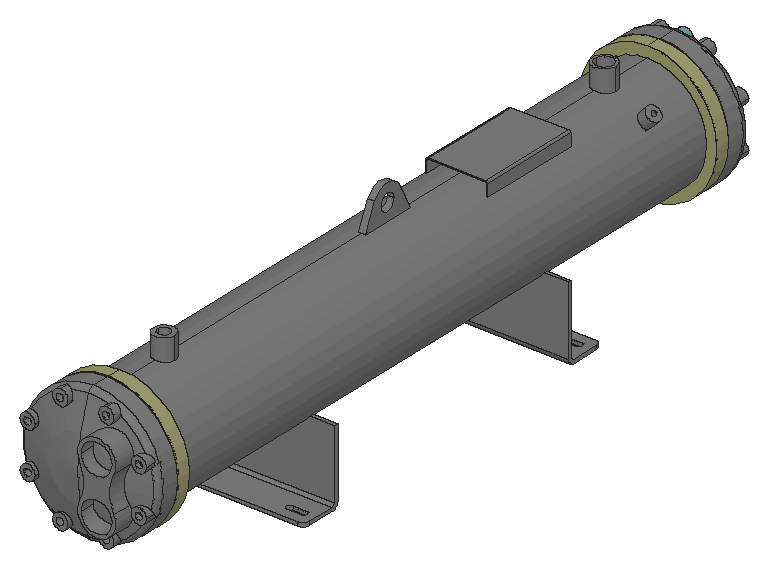
Revit family "MIT-BCM_65C_4P", category Specialty Equipment, Revit 2022
Family settings
  Round Connector Dimension = Use Radius
  Part Type = Normal
  Work Plane-Based = No
  Always vertical = Yes
  Cut with Voids When Loaded = No
  Maintain Annotation Orientation = No
  Shared = No
  Room Calculation Point = No
Parameters
  URL = "https://en.ekinendustriyel.com/evaporators-and-condensers"
  Test Pressure = 64.35 bar
  Production Standard = "TS EN 13831"
  Operating Pressure = 45.0 bar
  Model = "MIT-BCM 65C_4P"
  Manufacturer = "Ekin Endüstriyel"
  Keynote = "Condensers"
  Description = "MIT- Condensers"
  Default Elevation = 0 mm
Reference planes
  plane 1 "Center (Front/Back)": y = 0
  plane 2: z = 0
  plane 3 "Center (Left/Right)": x = 0
Forms (mm)
  Extrusion 1, solid, material "Ekin Endustriyel-S235JR"
    sketch origin (0, 0, 0) x (1, 0, 0) y (0, 0, 1)
      loop
        circle (0, 164.15) r 84.15
    from -479.041 to 480.876
  Extrusion 2, solid, material "Ekin Endustriyel-S235JR", detail levels fine
    sketch origin (0, 0, 0) x (1, 0, 0) y (0, 0, 1)
      loop
        line (-45, 235.88) -> (-44, 235.88) -> (-44, 252.88)
        arc (-44, 252.88) -> (-43.414, 254.294) -> (-42, 254.88) r 2
        line (-42, 254.88) -> (42, 254.88)
        arc (42, 254.88) -> (43.414, 254.294) -> (44, 252.88) r 2
        line (44, 252.88) -> (44, 235.88) -> (45, 235.88) -> (45, 252.88)
        arc (45, 252.88) -> (44.121, 255.002) -> (42, 255.88) r 3
        line (42, 255.88) -> (-42, 255.88)
        arc (-42, 255.88) -> (-44.121, 255.002) -> (-45, 252.88) r 3
        line (-45, 252.88) -> (-45, 235.88)
    from -281.318 to -131.318
  Extrusion 3, solid, material "Ekin Endustriyel-S235JR", detail levels fine
    sketch origin (0, -0.625, 0) x (0, 1, 0) y (0, 0, 1)
      loop
        line (-40.334, 248.151) -> (39.666, 248.151) -> (22.137, 284.106)
        arc (22.137, 284.106) -> (-0.334, 298.151) -> (-22.806, 284.106) r 25
        line (-22.806, 284.106) -> (-40.334, 248.151)
      loop
        circle (-0.334, 273.151) r 12.5
    from -5 to 5
  Extrusion 4, solid, material "Ekin Endustriyel-S235JR", detail levels fine
    sketch origin (0, 149.507, 0) x (1, 0, 0) y (0, 1, 0)
      loop
        circle (0, 249.666) r 16.75
      loop
        circle (0, 249.666) r 13
    from 278.3 to 204.31
  Extrusion 5, solid, material "Ekin Endustriyel-S235JR", detail levels fine
    sketch origin (0, -150.542, 0) x (1, 0, 0) y (0, 1, 0)
      loop
        circle (0, -250.334) r 15.25
      loop
        circle (0, -250.334) r 8.928
    from 278.3 to 211.07
  Extrusion 6, solid, material "Ekin Endustriyel-S235JR", detail levels fine
    sketch origin (71.72, 399.173, 235.87) x (0, 1, 0) y (-0.707107, 0, 0.707107)
      loop
        circle (0, 0) r 11
      loop
        circle (0, 0) r 4.216
    from 0 to -32.02
  Extrusion 7, solid, material "Ekin Endustriyel-S235JR", detail levels fine
    sketch origin (0, -150.542, 0) x (1, 0, 0) y (0, 1, 0)
      loop
        circle (0, -250.334) r 13.75
      loop
        circle (0, -250.334) r 10.25
    from 51.131 to 169.15
  Extrusion 8, solid, material "Ekin Endustriyel-AISI316L", detail levels medium+fine
    sketch origin (0, -150.542, 0) x (1, 0, 0) y (0, 0, 1)
      loop
        circle (0, 164.15) r 100
    from 330.334 to 350.334
  Extrusion 9, solid, material "Ekin Endustriyel-AISI316L", detail levels medium+fine
    sketch origin (0, 779.375, 0) x (1, 0, 0) y (0, 0, 1)
      loop
        circle (0, 164.15) r 100
    from 280.334 to 300.334
  Revolve 10, solid, material "Ekin Endustriyel-S235JR", detail levels medium+fine
    sketch origin (0, -150.542, 0) x (0, 1, 0) y (0, 0, 1)
      loop
        line (-352.334, 264.15) -> (-377.299, 264.15)
        arc (-377.299, 264.15) -> (-382.802, 262.5) -> (-386.489, 258.094) r 10
        arc (-386.489, 258.094) -> (-401.262, 212.101) -> (-407.122, 164.15) r 255.705
        line (-407.122, 164.15) -> (-352.334, 164.15) -> (-352.334, 264.15)
      axis (-352.334, 164.15) -> (-407.122, 164.15)
    angle from 0 to 360
  Revolve 11, solid, material "Ekin Endustriyel-S235JR", detail levels medium+fine
    sketch origin (0, 148.706, 0) x (0, -1, 0) y (0, 0, -1)
      loop
        line (-352.334, -264.15) -> (-352.334, -164.15) -> (-407.122, -164.15)
        arc (-407.122, -164.15) -> (-401.262, -212.101) -> (-386.489, -258.094) r 255.705
        arc (-386.489, -258.094) -> (-382.802, -262.5) -> (-377.299, -264.15) r 10
        line (-377.299, -264.15) -> (-352.334, -264.15)
      axis (-352.334, -164.15) -> (-407.122, -164.15)
    angle from 0 to 360
  Extrusion 12, solid, material "Ekin Endustriyel-S235JR", detail levels coarse
    sketch origin (0, 0, 0) x (1, 0, 0) y (0, 0, 1)
      loop
        circle (0, 164.159) r 99.991
    from -556.041 to 572.829
  Extrusion 13, solid, material "Ekin Endustriyel-S235JR"
    sketch origin (0, 74.458, 0) x (0, 1, 0) y (0, 0, 1)
      loop
        arc (134.666, 9) -> (137.302, 2.636) -> (143.666, 0) r 9
        line (143.666, 0) -> (194.666, 0) -> (194.666, 5) -> (143.666, 5)
        arc (143.666, 5) -> (140.837, 6.172) -> (139.666, 9) r 4
        line (139.666, 9) -> (139.666, 110) -> (134.666, 110) -> (134.666, 9)
    from -100 to 100
  Extrusion 14, void
    sketch origin (0, 269.124, 5) x (0, -1, 0) y (1, 0, 0)
      loop
        line (25.25, 63.5) -> (25.25, 83.5)
        arc (25.25, 83.5) -> (20, 88.75) -> (14.75, 83.5) r 5.25
        line (14.75, 83.5) -> (14.75, 63.5)
        arc (14.75, 63.5) -> (20, 58.25) -> (25.25, 63.5) r 5.25
      loop
        line (10, 100) -> (-10, 100) -> (-10, -100) -> (10, -100)
        arc (10, -100) -> (2.929, -97.071) -> (0, -90) r 10
        line (0, -90) -> (0, 90)
        arc (0, 90) -> (2.929, 97.071) -> (10, 100) r 10
      loop
        arc (14.75, -83.5) -> (20, -88.75) -> (25.25, -83.5) r 5.25
        line (25.25, -83.5) -> (25.25, -63.5)
        arc (25.25, -63.5) -> (20, -58.25) -> (14.75, -63.5) r 5.25
        line (14.75, -63.5) -> (14.75, -83.5)
    from -5 to 0
  Extrusion 15, solid, material "Ekin Endustriyel-S235JR"
    sketch origin (0, -76.211, 0) x (0, -1, 0) y (0, 0, -1)
      loop
        line (134.666, -9) -> (134.666, -110) -> (139.666, -110) -> (139.666, -9)
        arc (139.666, -9) -> (140.837, -6.172) -> (143.666, -5) r 4
        line (143.666, -5) -> (194.666, -5) -> (194.666, 0) -> (143.666, 0)
        arc (143.666, 0) -> (137.302, -2.636) -> (134.666, -9) r 9
    from -100 to 100
  Extrusion 16, void
    sketch origin (0, -270.876, 5) x (0, 1, 0) y (-1, 0, 0)
      loop
        arc (25.25, -63.5) -> (20, -58.25) -> (14.75, -63.5) r 5.25
        line (14.75, -63.5) -> (14.75, -83.5)
        arc (14.75, -83.5) -> (20, -88.75) -> (25.25, -83.5) r 5.25
        line (25.25, -83.5) -> (25.25, -63.5)
      loop
        arc (10, -100) -> (2.929, -97.071) -> (0, -90) r 10
        line (0, -90) -> (0, 90)
        arc (0, 90) -> (2.929, 97.071) -> (10, 100) r 10
        line (10, 100) -> (-10, 100) -> (-10, -100) -> (10, -100)
      loop
        line (14.75, 83.5) -> (14.75, 63.5)
        arc (14.75, 63.5) -> (20, 58.25) -> (25.25, 63.5) r 5.25
        line (25.25, 63.5) -> (25.25, 83.5)
        arc (25.25, 83.5) -> (20, 88.75) -> (14.75, 83.5) r 5.25
    from -5 to 0
  Extrusion 17, solid, material "Ekin Endustriyel-S235JR", detail levels medium+fine
    sketch origin (0, -150.542, 0) x (1, 0, 0) y (0, 0, 1)
      loop
        circle (39.989, 201.858) r 22.531
      loop
        circle (39.989, 126.459) r 22.531
      loop
        arc (65.111, 190.594) -> (39.989, 229.389) -> (14.868, 190.594) r 27.531
        arc (14.868, 190.594) -> (21.175, 165.045) -> (15.645, 139.317) r 58.499
        arc (15.645, 139.317) -> (39.103, 98.942) -> (65.111, 137.723) r 27.531
        arc (65.111, 137.723) -> (58.797, 164.159) -> (65.111, 190.594) r 58.499
    from 390.526 to 422.288
  Extrusion 18, solid, material "Ekin Endustriyel-S235JR", detail levels medium+fine
    sketch origin (0, 149.375, 0) x (1, 0, 0) y (0, 0, 1)
      loop
        circle (-80.837, 197.64) r 11
      loop
        circle (-80.837, 197.64) r 5.497
      loop
        circle (-80.837, 130.66) r 11
      loop
        circle (-80.837, 130.66) r 5.497
      loop
        circle (80.837, 197.64) r 11
      loop
        circle (80.837, 197.64) r 5.497
      loop
        circle (80.837, 130.66) r 11
      loop
        circle (80.837, 130.66) r 5.497
      loop
        circle (33.49, 244.987) r 11
      loop
        circle (33.49, 244.987) r 5.497
      loop
        circle (-33.49, 244.987) r 11
      loop
        circle (-33.49, 244.987) r 5.497
      loop
        circle (33.49, 83.313) r 11
      loop
        circle (33.49, 83.313) r 5.497
      loop
        circle (-33.49, 83.313) r 11
      loop
        circle (-33.49, 83.313) r 5.497
      loop
        circle (0, 81.651) r 12.497
      loop
        circle (0, 81.651) r 5.497
    from -396.666 to -367.889
  Extrusion 19, solid, material "Ekin Endustriyel-S235JR", detail levels medium+fine
    sketch origin (0, -150.542, 0) x (1, 0, 0) y (0, 0, -1)
      loop
        circle (-80.837, -197.64) r 11
      loop
        circle (-80.837, -197.64) r 5.497
      loop
        circle (-80.837, -130.66) r 11
      loop
        circle (-80.837, -130.66) r 5.497
      loop
        circle (80.837, -197.64) r 11
      loop
        circle (80.837, -197.64) r 5.497
      loop
        circle (80.837, -130.66) r 11
      loop
        circle (80.837, -130.66) r 5.497
      loop
        circle (33.49, -244.987) r 11
      loop
        circle (33.49, -244.987) r 5.497
      loop
        circle (-33.49, -244.987) r 11
      loop
        circle (-33.49, -244.987) r 5.497
      loop
        circle (33.49, -83.313) r 11
      loop
        circle (33.49, -83.313) r 5.497
      loop
        circle (-33.49, -83.313) r 11
      loop
        circle (-33.49, -83.313) r 5.497
    from -396.666 to -367.889
  Extrusion 20, solid, material "Ekin Endustriyel-S235JR", detail levels medium+fine
    sketch origin (0, 149.375, 0) x (1, 0, 0) y (0, 0, 1)
      loop
        circle (-35.355, 199.505) r 22
      loop
        circle (35.355, 128.795) r 22
    from -406.666 to -351.666
  Extrusion 21, solid, material "Ekin Endustriyel-Zinc", detail levels medium+fine
    sketch origin (0, 149.375, 0) x (1, 0, 0) y (0, 0, 1)
      loop
        circle (0, 246.649) r 12.497
      loop
        circle (0, 246.649) r 5.497
    from -396.666 to -367.889
Cuts and joins
  Extrusion 14, Extrusion 16 cuts Extrusion 13
  Extrusion 16 cuts Extrusion 15
  joined: Extrusion 1, Extrusion 13, Extrusion 15
Dimensions and locks
  aligned and locked: level to plane 2
Connectors
  piping at (39.989, -572.829, 201.858), diameter 38.2
    settings: on Extrusion 17, index 1, connector inside diameter 609.6 mm, connector length 0 mm, flow factor 0, pipe flow 0.0 L/s, pressure drop 0.0 Pa, fitting loss kfactor 0, connector angle 0.00°, fixture units 0, engagement length 0 mm, angle of deflection 0.00°, flow configuration 0, flow direction 1, fitting loss method 0, system type 7, joint type 0, gender type 0, connector reference index -1, connector utility 0, adjustable connector no, is connector primary yes, connector description ""
  piping at (39.989, -572.829, 126.459), diameter 38.2
    settings: on Extrusion 17, index 2, connector inside diameter 609.6 mm, connector length 0 mm, flow factor 0, pipe flow 0.0 L/s, pressure drop 0.0 Pa, fitting loss kfactor 0, connector angle 0.00°, fixture units 0, engagement length 0 mm, angle of deflection 0.00°, flow configuration 0, flow direction 2, fitting loss method 0, system type 7, joint type 0, gender type 0, connector reference index -1, connector utility 0, adjustable connector no, is connector primary no, connector description ""
  hvac at (0, 399.173, 278.3)
    settings: on Extrusion 4, index 3, duct flow 0.0 L/s, flow factor 0, pres drop 0.0 bar, loss coef 0, conn angle 0.00°, conn width 304.8 mm, conn height 304.8 mm, conn diameter 28 mm, duct sys type 3, conn prof type 0, flow config 0, flow direction 0, loss method 0, conn ref index -1, conn util no, is conn primary yes, conn desc ""
  hvac at (0, -400.876, 51.131)
    settings: on Extrusion 7, index 4, duct flow 0.0 L/s, flow factor 0, pres drop 0.0 bar, loss coef 0, conn angle 0.00°, conn width 304.8 mm, conn height 304.8 mm, conn diameter 22 mm, duct sys type 3, conn prof type 0, flow config 0, flow direction 0, loss method 0, conn ref index -1, conn util no, is conn primary no, conn desc ""
